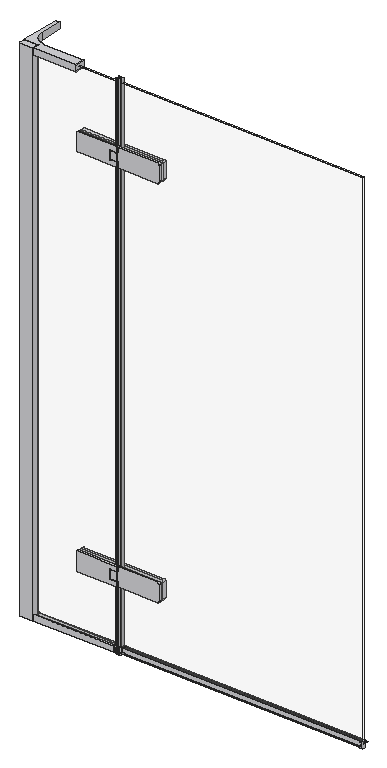
Revit family "Shower-Bath_Screen-KOHLER-COMPOSED-1.1922.031", category Specialty Equipment, host Face, Revit 2017 (continued)
Definition of nested family "1.1922.031"
  Automatic sketch dimensions
    curve 55 to plane 10 = 0"
    curve 68 to plane 12 = 0"
    curve 43 to plane 13 = 0"
    curve 37 to plane 13 = 0"
    curve 33 to plane 12 = 0"
    curve 42 to plane 12 = 0"
    curve 12 to plane 13 = 0"
    curve 123 to plane 6 = 0"
    curve 15 to level = 0"
    plane 5 to curve 17 = 0"
    curve 31 to plane 13 = 0"
    curve 66 to plane 12 = 0"
    curve 66 to plane 11 = 0"
    curve 11 to plane 10 = 0"
    curve 13 to curve 31 = 0.4616"
    curve 58 to plane 3 "Center (Left/Right)" = 0.73818"
    curve 34 to plane 3 "Center (Left/Right)" = 0.75787"
    curve 51 to curve 58 = 0.07874"
    curve 25 to curve 35 = 0.07874"
    curve 48 to curve 50 = 3.76969"
    plane 10 to curve 45 = 0.19685"
    curve 45 to curve 47 = 0"
    curve 23 to curve 25 = 3.76969"
    curve 29 to curve 22 = 0"
    curve 21 to curve 22 = 0.19685"
    plane 8 to curve 6 = 0.07874"
    curve 6 to plane 3 "Center (Left/Right)" = 4.90157"
    plane 6 to curve 2 = 0.07874"
    plane 4 to curve 2 = 1.67323"
    plane 8 to curve 4 = 0.06693"
    curve 3 to curve 4 = 0.07874"
    plane 3 "Center (Left/Right)" to curve 24 = 0.02953"
    plane 3 "Center (Left/Right)" to curve 28 = 0.02953"
    plane 3 "Center (Left/Right)" to curve 49 = 0.04922"
    plane 3 "Center (Left/Right)" to curve 54 = 0.04922"
    curve 48 to curve 60 = 0.12795"
    curve 52 to curve 57 = 0.12795"
    curve 9 to plane 6 = 0.07874"
    plane 3 "Center (Left/Right)" to curve 9 = 0.20472"
    curve 24 to curve 37 = 0.17717"
    curve 19 to curve 33 = 0.17717"
    curve 9 to curve 10 = 0.09064"
    plane 3 "Center (Left/Right)" to curve 15 = 0.40157"
    plane 12 to curve 39 = 0.19685"
    curve 32 to curve 39 = 4.63583"
    curve 41 to curve 40 = 0.19685"
    curve 9 to curve 55 = 4.65749"
    curve 64 to plane 11 = 0.19685"
    curve 62 to curve 64 = 0"
    level to curve 17 = 0.76759"
    curve 26 to plane 13 = 0.5689"
    curve 24 to curve 37 = 0.04134"
    plane 12 to curve 35 = 0.61024"
    curve 33 to curve 28 = 0.04134"
    curve 50 to plane 11 = 0.5689"
    curve 49 to curve 60 = 0.04134"
    plane 10 to curve 58 = 0.61024"
    curve 56 to curve 53 = 0.04134"
    curve 8 to plane 3 "Center (Left/Right)" = 0.24016"
    curve 13 to curve 30 = 0.22144"
    curve 65 to curve 66 = 0.24016"
    level to curve 16 = 0.70866"
    plane 4 to curve 16 = 1.5748"
    plane 3 "Center (Left/Right)" to curve 18 = 0.02522"
    curve 68 to curve 32 = 0.00197"
    curve 18 to curve 43 = 0.1795"
    curve 9 to curve 67 = 0.03937"
    curve 32 to curve 42 = 0.0374"
    curve 43 to curve 12 = 0.03937"
    curve 43 to curve 18 = 0"
    curve 12 to curve 43 = 0"
    curve 30 to curve 13 = 0"
    curve 31 to curve 18 = 0"
    plane 7 to curve 11 = 0.15748"
